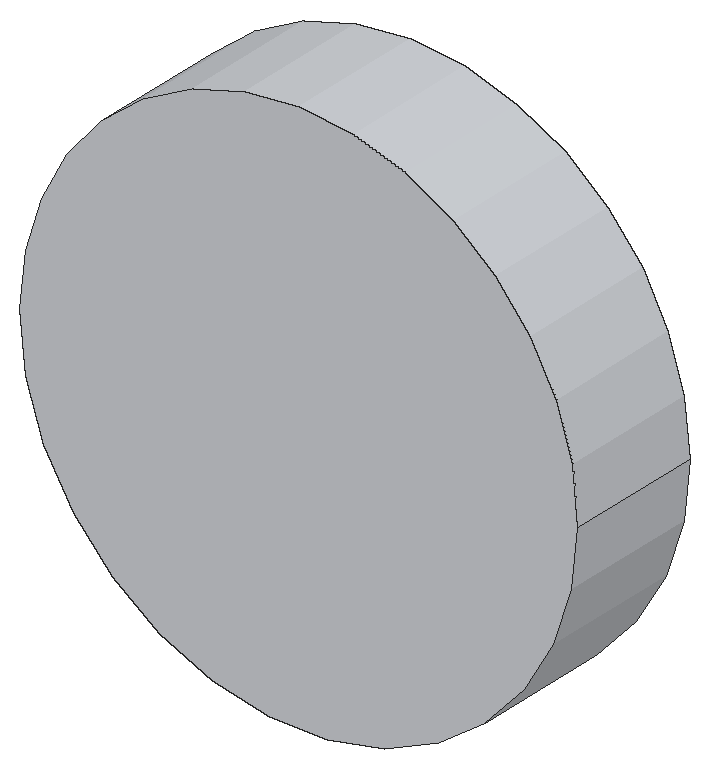
Revit family "PractiboxS surface cabinet", category Equipement spécialisé, Revit 2020
Family settings
  Cote de connecteur circulaire = Utiliser le diamètre
  Type d'élément = Normal
  Numéro OmniClass = 23.80.30.11.17
  Titre OmniClass = Distribution Boards and Control Panels
  Basée sur le plan de construction = Non
  Toujours verticalement = Oui
  Couper avec des vides une fois chargée = Non
  Partagée = Oui
  Point de calcul de pièce = Non
Parameters (values of type "Communication board 135802")
  Width (mm) = 328 mm
  Type of door = "With door"
  RAL Number = "9003"
  Legrand part number = "135802"
  Height (mm) = 386 mm
  Function = "Communication board"
  ETIM class = "EC003845"
  E-catalogue link = "https://www.legrand.fr/reference/135802/pro"
  Depth (mm) = 108 mm
  Color = "White"
  General Conditions of Use = "https://export.legrand.com/en/terms-of-use-BIM-objects"
  Fabricant = "LEGRAND"
  Elévation par défaut = 0 mm
  EAN = "3414972144285"
  BIM wording = "Communication board 135802"
Reference planes
  plane 1 "Centre (avant/arrière)": y = 106
  plane 2: z = 0
  plane 3: x = 0
Forms (mm)
  Extrusion 1, solid
    sketch origin (0, 106, 0) x (1, 0, 0) y (0, 0, 1)
      loop
        circle (0, 111.367) r 2
    from 0 to 1
Dimensions and locks
  aligned and locked: level to plane 2
Connectors
  electrical at (0, 106, 111.367)
    settings: on Extrusion 1, index 1, voltage 230 V, apparent load 0 VA, apparent load phase1 0 VA, apparent load phase2 0 VA, apparent load phase3 0 VA, power factor 1, load classification "Autre", number of poles 1, system type 31, power factor state 1, is connector primary yes, connector utility no, sub classification motor no, connector description ""
